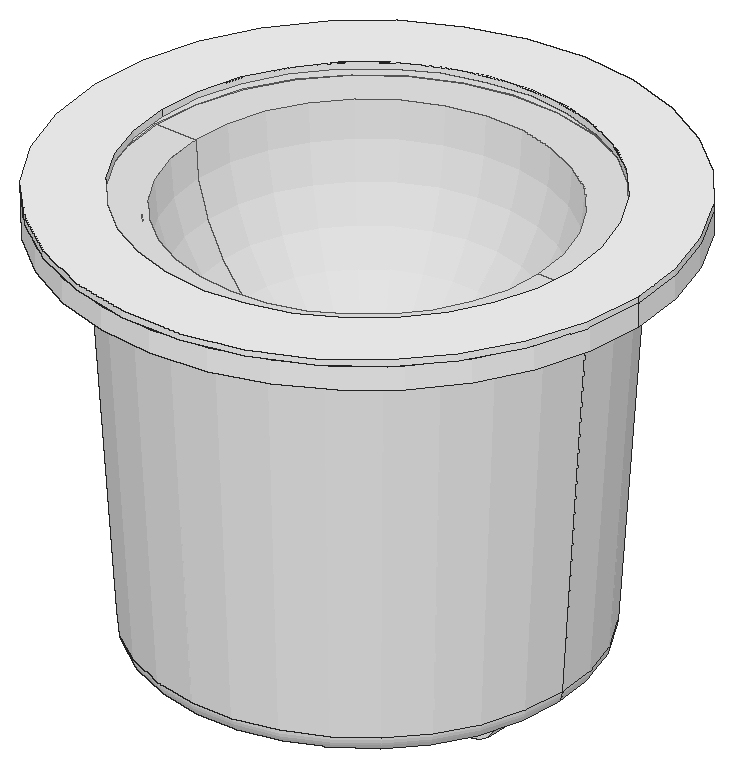
Revit family "2058930", category Lighting Fixtures, host Face, Revit 2018
Family settings
  Host = Face
  Round Connector Dimension = Use Diameter
  Part Type = Normal
  OmniClass Number = 23.80.70.11.17
  OmniClass Title = Specialized Lighting by Location or Use
  Cut with Voids When Loaded = No
  Light Source = Yes
  Shared = No
  Room Calculation Point = No
Parameters (values of type "2058930 MYRIAD DECO IP65 SP 2.7K PHD EM WH CBEZ")
  Weight = "n/a"
  Wattage = 15 W
  WarrantyStartDate [instance] = "n/a"
  WarrantyGuarantorParts = "n/a"
  WarrantyDurationUnit = "n/a"
  WarrantyDurationParts = ""
  WarrantyDescription = "http://www.sylvania-lighting.com"
  built-in parameter 1150110 = 1 (stored number, unit not read)
  Voltage = 230 V
  URL = "0"
  TypeName = "MYRIAD DECO IP65 SPOT 2700K PHDM EM WHITE CBEZ"
  Type Image = 0
  Type Comments = ""
  built-in parameter 1114217 = 1 (stored number, unit not read)
  Tilt Angle = -90°
  built-in parameter 1150109 = 1 (stored number, unit not read)
  built-in parameter 1150134 = (empty or 0)
  built-in parameter 1150113 = 1 (stored number, unit not read)
  SerialNumber [instance] = "n/a"
  Reflector Radius = Cutout Diameter / 2 - 2.5 mm  # 35.0 mm
  Reflector Material = Aluminum_Sylvania_Myriad_Bright
  Recessed Depth = Height  # 72.0 mm
  PowerFactor = 0
  PowerConsumption = "Lighting"
  Photometric Web File = "2058930.ies"
  NominalWidth = 0.0 mm
  NominalLength = 76.0 mm
  NominalHeight = 72.0 mm
  Name = "MYRIAD DECO IP65 SPOT 2700K PHDM EM WHITE CBEZ"
  ModelReference = "MYRIAD DECO IP65 SPOT 2700K PHDM EM WHITE CBEZ"
  ModelNumber = "2058930"
  Material = "Feilo Sylvania"
  ManufacturerName = "103 lm/W"
  LuminousEfficacy = ""
  LuminaireType = "0"
  LightOutputRatio = "LED"
  LampsType = Lamp  # "n/a"
  LampNominalLuminous = "2700 K"
  LampMacAdamStep = "90"
  LampColourTemperature = "LED"
  LampColourRenderingIndex = "16500"
  Keynote = "n/a"
  Keynote_2 = "16500"
  InstallationDate [instance] = "n/a"
  InputVoltage = "0"
  InputNominalFrequency = "2700"
  IngressProtection = "IfcLightFixtureType"
  ImpactProtectionIndex = "IfcLightFixtureType"
  IfcExportType = "IfcLightFixtureType"
  IfcExportAs = "Class II"
  Height = 72.0 mm  # constant formula
  ExpectedLife = 50000
  Emit from Circle Diameter = Accessory Inner Diameter 2  # 68.0 mm
  Emit Shape Visible in Rendering = no
  ElectricShockClassification = "103"
  DurationUnit = "hours"
  DocumentationLiterature = "http://www.sylvania-lighting.com/product/en-int/products/2058930"
  DimmingControlOptions = "n/a"
  Diffuser Material = Glass_Sylvania_Myriad_Clear_4000K
  Diffuser Diameter = Cutout Diameter  # 75.0 mm
  Cutout Diameter = 75.0 mm  # constant formula
  CreatedOn = "03/02/2022"
  CreatedBy = "@sylvania-lighting.com"
  built-in parameter 1001205 = 0
  Cost = 0
  built-in parameter 1114216 [instance] = 1 (stored number, unit not read)
  Model = "MYRIAD DECO IP65 SPOT 2700K PHDM EM WHITE CBEZ"
  Manufacturer = "Feilo Sylvania"  # constant formula
  built-in parameter 1150105 = 83.556 (stored number, unit not read)
  Lumens = 1050 lm
  built-in parameter 1150115 = 1 (stored number, unit not read)
  built-in parameter 1150137 = (empty or 0)
  built-in parameter 1150139 = (empty or 0)
  built-in parameter 1150112 = 1 (stored number, unit not read)
  built-in parameter 1150114 = 1 (stored number, unit not read)
  Lamp = "n/a"
  built-in parameter 1150132 = (empty or 0)
  built-in parameter 1150102 = (empty or 0)
  built-in parameter 1150107 = 2700 (stored number, unit not read)
  built-in parameter 1150138 = (empty or 0)
  built-in parameter 1150106 = 0.83556 (stored number, unit not read)
  built-in parameter 1150104 = 6.5032 (stored number, unit not read)
  Dimming Lamp Color Temperature Shift = <None>
  Description = "Supplied complete with electronic control gear Compact Fluorescent low energy downlight Emergency version passes through the cut out Ideal for low level orientation lighting New range of Architectural accessories each providing a different lit dimension New completely flush plaster up accessory ring for clean ceiling lines and smooth finish Order lamp separately"  # constant formula
  Default Elevation = 0.0 mm
  Color Filter = 16777215
  built-in parameter 1140040 [instance] = 1
  Body Radius = Reflector Radius + 1.5 mm  # 36.5 mm
  Body Material = Aluminum_Sylvania_Myriad_Gray
  BarCode [instance] = "n/a"
  built-in parameter 1114218 = 1 (stored number, unit not read)
  built-in parameter 1150133 = 10 (stored number, unit not read)
  AssetType = "Fixed"
  AssetIdentifier [instance] = "n/a"
  Assembly Code = "D5020200"
  Apparent Load = 12 VA
  Accessory Material = Aluminum_Sylvania_Myriad_White
  Accessory Inner Diameter 2 = Accessory Diameter - 22.0 mm  # 68.0 mm
  Accessory Inner Diameter 1 = Accessory Diameter - 2.0 mm  # 88.0 mm
  Accessory Diameter = Cutout Diameter + 15.0 mm  # 90.0 mm
Reference planes
  plane 1 "Center (Front/Back)": y = 0
  plane 2: z = 0
  plane 3 "Center (Left/Right)": x = 0
  plane 4: z = 2
  plane 5 "Fixture Bottom": z = 4.5
  plane 6: z = -28.5
  plane 7: z = -61.5
  plane 8 "Fixture Top": z = -67.5
  plane 9: z = 3.5
Forms (mm)
  Revolve 1, solid, material "Aluminum_Sylvania_Myriad_Bright" <- "Reflector Material", detail levels fine
    sketch origin (0, 0, 0) x (1, 0, 0) y (0, 0, 1)
      loop
        line (0, -27.515) -> (-6, -27.515)
        arc (-6, -27.515) -> (-22.333, -16.632) -> (-28.5, 2) r 30.135
        line (-28.5, 2) -> (-35, 2) -> (-35, 0) -> (-29.184, 0)
        arc (-29.184, 0) -> (-22.423, -18.18) -> (-6, -28.5) r 30.204
        line (-6, -28.5) -> (0, -28.5) -> (0, -27.515)
      axis (0, -28.5) -> (0, 2)
    angle from 0 to 360
  Revolve 2, solid, material "Aluminum_Sylvania_Myriad_Gray" <- "Body Material", detail levels fine
    sketch origin (0, 0, 0) x (1, 0, 0) y (0, 0, 1)
      loop
        line (-44, 2) -> (-44, 0) -> (-36.5, 0) -> (-32.42, -58.708)
        arc (-32.42, -58.708) -> (-31.474, -60.694) -> (-29.428, -61.5) r 3
        line (-29.428, -61.5) -> (0, -61.5) -> (0, -28.5) -> (-6, -28.5)
        arc (-6, -28.5) -> (-22.423, -18.18) -> (-29.184, 0) r 30.204
        line (-29.184, 0) -> (-35, 0) -> (-35, 2) -> (-44, 2)
      axis (0, 2) -> (0, -61.5)
    angle from 0 to 360
  Extrusion 3, solid, material "Aluminum_Sylvania_Myriad_Gray" <- "Body Material", detail levels fine
    sketch origin (0, 0, 0) x (1, 0, 0) y (0, 0, 1)
      loop
        line (-13.5, -67.5) -> (21, -67.5)
        arc (21, -67.5) -> (23.828, -66.328) -> (25, -63.5) r 4
        line (25, -63.5) -> (25, -61.5) -> (-17.5, -61.5) -> (-17.5, -63.5)
        arc (-17.5, -63.5) -> (-16.328, -66.328) -> (-13.5, -67.5) r 4
    from -4.5 to 4.5
  Extrusion 4, solid, material "Aluminum_Sylvania_Myriad_White" <- "Accessory Material", detail levels fine
    sketch origin (0, 0, 0) x (1, 0, 0) y (0, 1, 0)
      loop
        circle (0, 0) r 45
      loop
        circle (0, 0) r 44
    from 0 to 3.5
  Extrusion 5, solid, material "Aluminum_Sylvania_Myriad_White" <- "Accessory Material", detail levels fine
    sketch origin (0, 0, 0) x (1, 0, 0) y (0, 1, 0)
      loop
        circle (0, 0) r 45
      loop
        circle (0, 0) r 34
    from 3.5 to 4.5
  Extrusion 6, solid, material "Aluminum_Sylvania_Myriad_White" <- "Accessory Material", detail levels coarse+medium
    sketch origin (0, 0, 0) x (1, 0, 0) y (0, 1, 0)
      loop
        circle (0, 0) r 45
    from 0 to 4.5
  Revolve 7, solid, detail levels coarse+medium
    sketch origin (0, 0, 0) x (1, 0, 0) y (0, 0, 1)
      loop
        line (36.5, 0) -> (0, 0) -> (0, -61.5) -> (32.226, -61.5) -> (36.5, 0)
      axis (0, 0) -> (0, -61.5)
    angle from 0 to 360
  Extrusion 8, void
    sketch origin (0, 0, 0) x (1, 0, 0) y (0, 1, 0)
      loop
        circle (0, 0) r 37.5
    from -67.5 to 0
  Extrusion 9, solid, material "Glass_Sylvania_Myriad_Clear_4000K" <- "Diffuser Material", detail levels fine
    sketch origin (0, 0, 0) x (1, 0, 0) y (0, 1, 0)
      loop
        circle (0, 0) r 37.5
    from 2 to 3.5
Cuts and joins
  joined: Extrusion 4, Extrusion 5
Lines and regions (mm)
  Masking region 1
    outline origin (0, 0, 0) x (1, 0, 0) y (0, 1, 0)
      loop
        circle (0, 0) r 45
  symbolic lines
    curve 1: arc (-34, 0, 0) -> (0, 34, 0) -> (34, 0, 0) r 34
    curve 2: arc (34, 0, 0) -> (0, -34, 0) -> (-34, 0, 0) r 34
Dimensions and locks
  locked: plane 7 to plane 8 "Fixture Top" at 6
  "Body Radius": Revolve 7 sketch curve to plane 3 "Center (Left/Right)"
  locked: Revolve 7 sketch curve to Revolve 7 sketch curve at 4.274
  plane 5 "Fixture Bottom" to plane 9 to plane 4 to plane 2 to plane 6 = 1.0 mm locked, 1.5 mm locked, 2.0 mm locked, 28.5 mm locked
  "Reflector Radius": Revolve 1 sketch curve to plane 3 "Center (Left/Right)"
  Revolve 1 sketch curve to Revolve 1 sketch curve to Revolve 1 sketch curve to Revolve 1 sketch curve = 6.5 mm locked, 22.5 mm locked, 0.0 mm locked
  "Reflector Radius": plane 3 "Center (Left/Right)" to Revolve 2 sketch curve
  Revolve 2 sketch curve to Revolve 2 sketch curve to Revolve 2 sketch curve = 7.5 mm locked, 1.5 mm locked
  Revolve 2 sketch curve to Revolve 2 sketch curve to Revolve 2 sketch curve = 5.816 mm locked, 23.184 mm locked
  Revolve 2 sketch curve to Revolve 2 sketch curve to Revolve 2 sketch curve = 2.58 mm locked, 2.993 mm locked
  "Accessory Diameter": diameter of Extrusion 4 sketch curve
  "Accessory Inner Diameter 1": diameter of Extrusion 4 sketch curve
  "Accessory Diameter": diameter of Extrusion 5 sketch curve
  "Accessory Diameter": diameter of Extrusion 6 sketch curve
  "Cutout Diameter": diameter of Extrusion 8 sketch curve
  "Accessory Inner Diameter 2": diameter of Extrusion 5 sketch curve
  "Diffuser Diameter": diameter of Extrusion 9 sketch curve
  aligned and locked: plane 2 to host face
  aligned and locked: level to host face
  aligned and locked: plane 1 "Center (Front/Back)" to imposter light
  aligned and locked: plane 3 "Center (Left/Right)" to imposter light
  aligned and locked: Revolve 1 sketch curve to imposter light
  aligned and locked: Extrusion 3 sketch curve to plane 8 "Fixture Top"
  aligned and locked: plane 7 to Extrusion 3 sketch curve
  aligned and locked: Extrusion 4 to plane 2
  aligned and locked: plane 9 to Extrusion 4
  aligned and locked: Extrusion 5 to plane 9
  aligned and locked: plane 5 "Fixture Bottom" to Extrusion 5
  aligned and locked: Extrusion 6 to plane 2
  aligned and locked: plane 5 "Fixture Bottom" to Extrusion 6
  aligned and locked: Extrusion 8 to plane 8 "Fixture Top"
  aligned and locked: plane 2 to Extrusion 8
  aligned and locked: Masking region 1 sketch curve to Extrusion 6  (x2)
  aligned and locked: Extrusion 9 to plane 4
  aligned and locked: plane 9 to Extrusion 9
  aligned and locked: plane 4 to Revolve 2 sketch curve
  aligned and locked: Revolve 2 sketch curve to plane 2
  aligned and locked: curve 1 to cut or joined group of Extrusion 4, Extrusion 5
  aligned and locked: curve 2 to cut or joined group of Extrusion 4, Extrusion 5
  aligned and locked: imposter light to plane 5 "Fixture Bottom"
Automatic sketch dimensions
  host sketch curve to host sketch curve = 1305.563 mm
  host sketch curve to host sketch curve = 1283.632 mm
  Extrusion 3 sketch curve to plane 7 = 2.0 mm
  Extrusion 3 sketch curve to plane 3 "Center (Left/Right)" = 13.5 mm
  plane 3 "Center (Left/Right)" to Extrusion 3 sketch curve = 21.0 mm
  Extrusion 3 sketch curve to Extrusion 3 sketch curve = 4.0 mm
  Revolve 1 sketch curve to level = 0.0 mm
  Revolve 1 sketch curve to plane 3 "Center (Left/Right)" = 0.0 mm
  Revolve 1 sketch curve to plane 6 = 0.0 mm
  Revolve 1 sketch curve to plane 4 = 0.0 mm
  Revolve 1 sketch curve to Revolve 1 sketch curve = 0.684 mm
  level to Revolve 1 sketch curve = 0.88 mm
  Revolve 1 sketch curve to plane 4 = 0.363 mm
  Revolve 1 sketch curve to Revolve 1 sketch curve = 0.625 mm
  Revolve 1 sketch curve to plane 8 "Fixture Top" = 232.8 mm
  plane 5 "Fixture Bottom" to Revolve 1 sketch curve = 291.243 mm
  Revolve 2 sketch curve to plane 3 "Center (Left/Right)" = 0.0 mm  (x2)
  Revolve 2 sketch curve to plane 7 = 0.0 mm
  Revolve 2 sketch curve to plane 6 = 0.0 mm
  Revolve 2 sketch curve to level = 0.0 mm
  level to Revolve 2 sketch curve = 0.88 mm
  plane 7 to Revolve 2 sketch curve = 2.792 mm
  Revolve 2 sketch curve to plane 8 "Fixture Top" = 304.774 mm
  plane 5 "Fixture Bottom" to Revolve 2 sketch curve = 1137.105 mm
  Extrusion 4 sketch curve to Extrusion 4 sketch curve = 0.0 mm  (x2)
  plane 1 "Center (Front/Back)" to Extrusion 4 sketch curve = 0.0 mm
  Extrusion 4 sketch curve to plane 3 "Center (Left/Right)" = 0.0 mm
  Extrusion 5 sketch curve to Extrusion 5 sketch curve = 0.0 mm  (x2)
  plane 1 "Center (Front/Back)" to Extrusion 5 sketch curve = 0.0 mm
  Extrusion 5 sketch curve to plane 3 "Center (Left/Right)" = 0.0 mm
  plane 1 "Center (Front/Back)" to Extrusion 6 sketch curve = 0.0 mm
  Extrusion 6 sketch curve to plane 3 "Center (Left/Right)" = 0.0 mm
  Revolve 7 sketch curve to level = 0.0 mm
  Revolve 7 sketch curve to plane 3 "Center (Left/Right)" = 0.0 mm  (x2)
  Revolve 7 sketch curve to plane 7 = 0.0 mm
  Revolve 7 sketch curve to plane 8 "Fixture Top" = 304.774 mm
  plane 5 "Fixture Bottom" to Revolve 7 sketch curve = 43.226 mm
  plane 1 "Center (Front/Back)" to Extrusion 8 sketch curve = 0.0 mm
  Extrusion 8 sketch curve to plane 3 "Center (Left/Right)" = 0.0 mm
  plane 1 "Center (Front/Back)" to Extrusion 9 sketch curve = 0.0 mm
  Extrusion 9 sketch curve to plane 3 "Center (Left/Right)" = 0.0 mm
Connectors
  electrical at (-0.006, -0.019, -67.5), driven by "Apparent Load", driven by "Apparent Load"
    settings: on plane 8 "Fixture Top", index 1, voltage 230 V, apparent load 12 VA, apparent load phase1 12 VA, apparent load phase2 0 VA, apparent load phase3 0 VA, power factor 1, load classification "Lighting", number of poles 1, system type 30, power factor state 1, is connector primary yes, connector utility no, sub classification motor no, connector description ""
